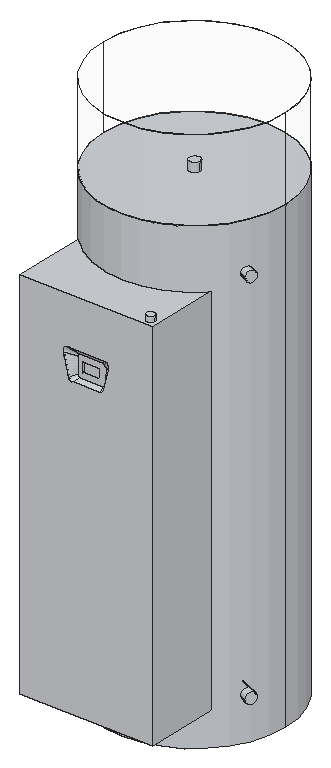
Revit family
Parameters (values of type "HC(Voltage)09 050 3 Phase")
  Wattage = KW * 1000 VA  # 9000 VA
  Water inlet length = Radius + 1"  # 11 7/8"
  VOLTAGE = 208 V
  Total Amps = KW * 1000 V / 1.73 / VOLTAGE  # 25.0111
  Top Clearance = 9 3/4"
  SES BIM Studio # = "201264902-40"
  URL = "http://www.lochinvar.com/products/default.aspx?type=productline&lineid=187"
  Panel Width = B_DIAMETER - 6"  # 15 3/4"
  Panel Depth = 13 7/8"
  Number of Poles = 3
  Model = "HC (X) 9 050"
  Manufacturer = "Lochinvar"
  MODEL NO. = "HC (Voltage) 9 050"
  KW = 9
  GALLON CAPACITY = "50"
  C_OVERALL DEPTH = 27"
  CONTINUOUS DELIVERY (GPH) = "37"
  B_DIAMETER = Radius * 2  # 21 3/4"
  A_HEIGHT = 55 3/4"
  Description = ""
  Fuel Type = ""
  Radius = 10 7/8"
  # OF ELEMENTS = "3"
Types (14): name | Wattage | Total Amps | Model | MODEL NO. | KW | CONTINUOUS DELIVERY (GPH) | # OF ELEMENTS
  (no name) | 9000 VA | 25.0111 | "HC (X) 9 050" | "HC (Voltage) 9 050" | 9 | "37" | "3"
  HC(Voltage)18 050 3 Phase | 18000 VA | 50.0222 | "HC (X) 18 050" | "HC (Voltage) 18 050" | 18 | "74" | "3"
  HC(Voltage)06 050 3 Phase | 6000 VA | 16.6741 | "HC (X) 6 050" | "HC (Voltage) 6 050" | 6 | "25" | "3"
  HC(Voltage)09 050 3 Phase | 9000 VA | 25.0111 | "HC (X) 9 050" | "HC (Voltage) 9 050" | 9 | "37" | "3"
  HC(Voltage)12 050 3 Phase | 12000 VA | 33.3482 | "HC (X) 12 050" | "HC (Voltage) 12 050" | 12 | "49" | "3"
  HC(Voltage)13.5 050 3 Phase | 13500 VA | 37.5167 | "HC (X) 13.5 050" | "HC (Voltage) 13.5 050" | 13.5 | "55" | "3"
  HC(Voltage)15 050 3 Phase | 15000 VA | 41.6852 | "HC (X) 15 050" | "HC (Voltage) 15 050" | 15 | "61" | "3"
  HC(Voltage)24 050 3 Phase | 24000 VA | 66.6963 | "HC (X) 24 050" | "HC (Voltage) 24 050" | 24 | "98" | "6"
  HC(Voltage)27 050 3 Phase | 27000 VA | 75.0333 | "HC (X) 27 050" | "HC (Voltage) 27 050" | 27 | "111" | "6"
  HC(Voltage)30 050 3 Phase | 30000 VA | 83.3704 | "HC (X) 30 050" | "HC (Voltage) 30 050" | 30 | "123" | "6"
  HC(Voltage)36 050 3 Phase | 36000 VA | 100.0445 | "HC (X) 36 050" | "HC (Voltage) 36 050" | 36 | "148" | "6"
  HC(Voltage)40 050 3 Phase | 40000 VA | 111.1605 | "HC (X) 40 050" | "HC (Voltage) 40 050" | 40 | "166" | "9"
  HC(Voltage)45 050 3 Phase | 45000 VA | 125.0556 | "HC (X) 45 050" | "HC (Voltage) 45 050" | 45 | "194" | "9"
  HC(Voltage)54 050 3 Phase | 54000 VA | 150.0667 | "HC (X) 54 050" | "HC (Voltage) 54 050" | 54 | "221" | "9"
Reference planes (in)
  plane 1 "Center (Front/Back)": y = 6.125
  plane 2: z = 0
  plane 3 "Center (Left/Right)": x = -1.39218
  plane 4 "Top": z = 55.75
  plane 5 "Top Clearance": z = 65.5
  plane 6 "Panel right": x = 6.48282
  plane 7 "Panel left": x = -9.26718
  plane 8 "Panel Face": y = -10
  plane 9: y = 17
  plane 10 "Panel top": z = 48.75
  plane 11 "Panel bottom": z = 4
  plane 12 "Water inlet anchor": through (-1.39218, 6.125, 48) normal (-0.9063, 0.4226, 0)
  plane 13 "Water inlet end": through (9.37023, 1.10641, 48) normal (-0.9063, 0.4226, 0)
  plane 14: through (-1.39218, 6.125, 48) normal (-0.9063, -0.4226, 0)
  plane 15: through (-12.15458, 1.10641, 48) normal (-0.9063, -0.4226, 0)
  plane 16: z = 5.25
  plane 17 "Control Panel Face": y = -9.25
Forms (in)
  Extrusion 1, solid
    sketch origin (0, 0, 0) x (1, 0, 0) y (0, 1, 0)
      loop
        circle (-1.39218, 6.125) r 10.875
    from 0 to 55.75
  Extrusion 2, solid, material "Clearance"
    sketch origin (0, 0, 55.75) x (-1, 0, 0) y (0, -1, 0)
      loop
        circle (1.39218, -6.125) r 10.875
    from 0 to 9.75
  Extrusion 3, solid
    sketch origin (-1.39218, 0, 0) x (0, 1, 0) y (0, 0, 1)
      loop
        line (6.125, 4) -> (6.125, 48.75) -> (-10, 48.75) -> (-10, 4) -> (6.125, 4)
    from 7.875 to -7.875
  Extrusion 4, solid
    sketch origin (0, 0, 55.75) x (-1, 0, 0) y (0, -1, 0)
      loop
        circle (1.39218, -6.125) r 0.625
    from 0 to 1
  Extrusion 5, solid
    sketch origin (0, 0, 48.75) x (-1, 0, 0) y (0, -1, 0)
      loop
        circle (-5.48282, 9) r 0.5
    from 0 to 0.5
  Extrusion 6, solid
    sketch origin (-4.99757, -2.51609, -1.07813) x (-0.422618, -0.906308, 0) y (0, 0, 1)
      loop
        circle (-9.35519, 6.3358) r 0.625
    from 0.38429 to -11.49071
  Extrusion 7, solid
    sketch origin (-0.30555, -3.58256, -1.07813) x (0.422618, -0.906308, 0) y (0, 0, -1)
      loop
        circle (-9.25727, -6.3358) r 0.625
    from 3.11777 to -8.75723
  Blend 8, void
    base sketch origin (0, -10, 0) x (1, 0, 0) y (0, 0, 1)
      loop
        arc (-3.62679, 43) -> (-4.02089, 42.80771) -> (-4.11186, 42.37873) r 0.5
        line (-4.11186, 42.37873) -> (-3.48686, 39.87873)
        arc (-3.48686, 39.87873) -> (-3.3095, 39.6059) -> (-3.00179, 39.5) r 0.5
        line (-3.00179, 39.5) -> (0.21743, 39.5)
        arc (0.21743, 39.5) -> (0.52514, 39.6059) -> (0.7025, 39.87873) r 0.5
        line (0.7025, 39.87873) -> (1.3275, 42.37873)
        arc (1.3275, 42.37873) -> (1.23654, 42.80771) -> (0.84243, 43) r 0.5
        line (0.84243, 43) -> (-3.62679, 43)
    top sketch origin (0, -10, 0) x (1, 0, 0) y (0, 0, 1)
      loop
        line (-2.81429, 39.75) -> (0.02993, 39.75)
        arc (0.02993, 39.75) -> (0.20671, 39.82322) -> (0.27993, 40) r 0.25
        line (0.27993, 40) -> (0.27993, 42)
        arc (0.27993, 42) -> (0.20671, 42.17678) -> (0.02993, 42.25) r 0.25
        line (0.02993, 42.25) -> (-2.81429, 42.25)
        arc (-2.81429, 42.25) -> (-2.99107, 42.17678) -> (-3.06429, 42) r 0.25
        line (-3.06429, 42) -> (-3.06429, 40)
        arc (-3.06429, 40) -> (-2.99107, 39.82322) -> (-2.81429, 39.75) r 0.25
    from 0 to -0.75
  Extrusion 9, void
    sketch origin (0, -9.25, 0.12693) x (1, 0, 0) y (0, 0, 1)
      loop
        arc (-2.31429, 41.5) -> (-2.40268, 41.46339) -> (-2.43929, 41.375) r 0.125
        line (-2.43929, 41.375) -> (-2.43929, 40.375)
        arc (-2.43929, 40.375) -> (-2.40268, 40.28661) -> (-2.31429, 40.25) r 0.125
        line (-2.31429, 40.25) -> (-0.47007, 40.25)
        arc (-0.47007, 40.25) -> (-0.38168, 40.28661) -> (-0.34507, 40.375) r 0.125
        line (-0.34507, 40.375) -> (-0.34507, 41.375)
        arc (-0.34507, 41.375) -> (-0.38168, 41.46339) -> (-0.47007, 41.5) r 0.125
        line (-0.47007, 41.5) -> (-2.31429, 41.5)
    from 0 to -0.125
  Extrusion 10, solid
    sketch origin (-4.99757, -2.51609, 43.92188) x (-0.422618, -0.906308, 0) y (0, 0, 1)
      loop
        circle (-9.35519, 6.3358) r 0.625
    from 0.38429 to -11.49071
Cuts and joins
  Blend 8, Extrusion 9 cuts Extrusion 1
  Blend 8, Extrusion 9 cuts Extrusion 3
Dimensions and locks (in)
  "A_HEIGHT": plane 4 "Top" to level
  "Top Clearance": plane 5 "Top Clearance" to plane 4 "Top"
  equal spacing: plane 7 "Panel left", plane 3 "Center (Left/Right)", plane 6 "Panel right"
  "Panel Width": plane 7 "Panel left" to plane 6 "Panel right"
  "Radius": plane 9 to Extrusion 3
  "C_OVERALL DEPTH": plane 8 "Panel Face" to plane 9
  locked: plane 11 "Panel bottom" to plane 2 at 4
  "Water inlet length": plane 12 "Water inlet anchor" to plane 13 "Water inlet end"
  "Water inlet length": plane 14 to plane 15
  locked: plane 8 "Panel Face" to plane 17 "Control Panel Face" at 0.75
  "Radius": radius of Extrusion 1 sketch curve
  "Radius": radius of Extrusion 2 sketch curve
  aligned and locked: plane 4 "Top" to Extrusion 1
  aligned and locked: plane 5 "Top Clearance" to Extrusion 2
  aligned and locked: plane 6 "Panel right" to Extrusion 3
  aligned and locked: Extrusion 3 to plane 7 "Panel left"
  aligned and locked: plane 8 "Panel Face" to Extrusion 3
  aligned and locked: Extrusion 3 to plane 1 "Center (Front/Back)"
  aligned and locked: plane 10 "Panel top" to Extrusion 3
  aligned and locked: Extrusion 3 to plane 11 "Panel bottom"
Automatic sketch dimensions
  plane 1 "Center (Front/Back)" to Extrusion 1 sketch curve = 0"
  Extrusion 1 sketch curve to plane 3 "Center (Left/Right)" = 0"
  plane 1 "Center (Front/Back)" to Extrusion 2 sketch curve = 0"
  Extrusion 2 sketch curve to plane 3 "Center (Left/Right)" = 0"
  Extrusion 3 sketch curve to plane 8 "Panel Face" = 0"
  Extrusion 3 sketch curve to plane 1 "Center (Front/Back)" = 0"
  Extrusion 3 sketch curve to plane 11 "Panel bottom" = 0"
  Extrusion 3 sketch curve to plane 10 "Panel top" = 0"
  plane 1 "Center (Front/Back)" to Extrusion 4 sketch curve = 0"
  Extrusion 4 sketch curve to plane 3 "Center (Left/Right)" = 0"
  Extrusion 5 sketch curve to plane 17 "Control Panel Face" = 1/4"
  Extrusion 5 sketch curve to plane 6 "Panel right" = 1"
  plane 16 to Extrusion 6 sketch curve = 0.00768"
  Extrusion 7 sketch curve to plane 16 = 0.00768"
  Blend 8 sketch curve to plane 3 "Center (Left/Right)" = 2.71968"
  Blend 8 sketch curve to Blend 8 sketch curve = 0.48507"  (x4)
  Blend 8 sketch curve to plane 3 "Center (Left/Right)" = 2.09468"
  plane 3 "Center (Left/Right)" to Blend 8 sketch curve = 1.60961"
  plane 3 "Center (Left/Right)" to Blend 8 sketch curve = 2.23461"
  Blend 8 sketch curve to plane 10 "Panel top" = 9 1/4"
  Blend 8 sketch curve to Blend 8 sketch curve = 0.37873"  (x2)
  Blend 8 sketch curve to Blend 8 sketch curve = 2 1/2"  (x2)
  Blend 8 sketch curve to Blend 8 sketch curve = 0.12127"
  Blend 8 sketch curve to plane 3 "Center (Left/Right)" = 1.67211"
  Blend 8 sketch curve to Blend 8 sketch curve = 1/4"  (x3)
  plane 3 "Center (Left/Right)" to Blend 8 sketch curve = 1.42211"  (x2)
  Blend 8 sketch curve to plane 10 "Panel top" = 9"
  Blend 8 sketch curve to Blend 8 sketch curve = 2"
  Extrusion 9 sketch curve to plane 3 "Center (Left/Right)" = 1.04711"
  Extrusion 9 sketch curve to Extrusion 9 sketch curve = 1/8"  (x3)
  plane 3 "Center (Left/Right)" to Extrusion 9 sketch curve = 0.92211"  (x2)
  Extrusion 9 sketch curve to plane 10 "Panel top" = 8.37307"
  Extrusion 9 sketch curve to Extrusion 9 sketch curve = 1"
  Extrusion 10 sketch curve to plane 4 "Top" = 5.49232"
  radius of Extrusion 4 sketch curve = 5/8"
  radius of Extrusion 5 sketch curve = 1/2"
  radius of Extrusion 6 sketch curve = 5/8"
  radius of Extrusion 7 sketch curve = 5/8"
  radius of Extrusion 10 sketch curve = 5/8"
Connectors (in)
  piping at (-1.39218, 6.125, 56.75)
    settings: on Extrusion 4, index 1, connector radius 5/8", flow factor 0, pipe flow 0 GPM, pressure drop 0.00 psi, fitting loss kfactor 0, connector angle 0.00°, fixture units 0, flow configuration 0, flow direction 0, fitting loss method 0, system type 19, connector reference index -1, connector utility 0, adjustable connector no, is connector primary yes, fitting loss table "", connector description "Water Outlet"
  piping at (-12.15458, 1.10641, 5.25768)
    settings: on Extrusion 7, index 5, connector radius 3/8", flow factor 0, pipe flow 0 GPM, pressure drop 0.00 psi, fitting loss kfactor 0, connector angle 0.00°, fixture units 0, flow configuration 1, flow direction 2, fitting loss method 0, system type 16, connector reference index -1, connector utility 0, adjustable connector no, is connector primary no, fitting loss table "", connector description ""
  piping at (9.37023, 1.10641, 5.25768)
    settings: on Extrusion 6, index 6, connector radius 5/8", flow factor 0, pipe flow 0 GPM, pressure drop 0.00 psi, fitting loss kfactor 0, connector angle 0.00°, fixture units 0, flow configuration 0, flow direction 1, fitting loss method 0, system type 20, connector reference index -1, connector utility 0, adjustable connector no, is connector primary no, fitting loss table "", connector description "Water Inlet"
  electrical at (5.48282, -9, 49.25), driven by "Wattage", driven by "VOLTAGE", driven by "Number of Poles"
    settings: on Extrusion 5, index 7, voltage 208 V, apparent load 9000 VA, apparent load phase1 0 VA, apparent load phase2 0 VA, apparent load phase3 0 VA, power factor 1, load classification "Other", number of poles 3, system type 30, power factor state 1, is connector primary yes, connector utility no, sub classification motor no, connector description "Electrical"
